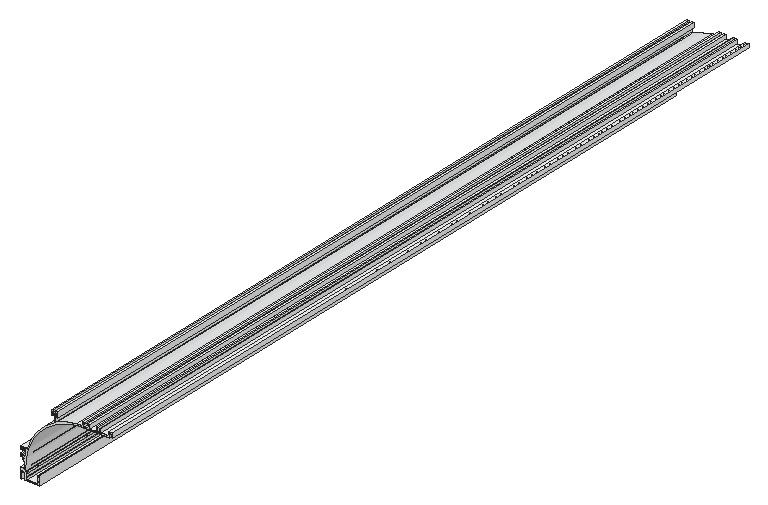
Revit family "ALS500T-SWM-EXTRUSION", category Lighting Fixtures, Revit 2017
Family settings
  Round Connector Dimension = Use Diameter
  Part Type = Normal
  Work Plane-Based = No
  Always vertical = Yes
  Cut with Voids When Loaded = No
  Light Source = Yes
  Shared = No
  Room Calculation Point = No
Parameters
  Wattage = 9.2903 W
  built-in parameter 1150110 = 1 (stored number, unit not read)
  built-in parameter 1114217 = 1 (stored number, unit not read)
  Tilt Angle = 60.00°
  built-in parameter 1150109 = 1 (stored number, unit not read)
  built-in parameter 1150134 = 3
  built-in parameter 1150113 = 1 (stored number, unit not read)
  Photometric Web File = "generic"
  built-in parameter 1150142 = (empty or 0)
  built-in parameter 1150105 = 109.82 (stored number, unit not read)
  Lumens = 1380 lm
  built-in parameter 1150115 = 1 (stored number, unit not read)
  built-in parameter 1150137 = (empty or 0)
  built-in parameter 1150139 = (empty or 0)
  built-in parameter 1150112 = 1 (stored number, unit not read)
  built-in parameter 1150114 = 1 (stored number, unit not read)
  Length = 48.00"
  built-in parameter 1150132 = (empty or 0)
  built-in parameter 1150102 = (empty or 0)
  built-in parameter 1150107 = 3200 (stored number, unit not read)
  built-in parameter 1150138 = (empty or 0)
  built-in parameter 1150106 = 1.0982 (stored number, unit not read)
  Fixture = Fixture
  Emit from Line Length = Length  # 48.00"
  built-in parameter 1150104 = 13.8 (stored number, unit not read)
  Dimming Lamp Color Temperature Shift = (empty or 0)
  Color Filter = 16777215
  built-in parameter 1114218 = 1 (stored number, unit not read)
  built-in parameter 1150133 = 10 (stored number, unit not read)
Reference planes (in)
  plane 1 "Center (Front/Back)": y = 0
  plane 2: z = 0
  plane 3 "Center (Left/Right)": x = 0
  plane 4: y = 24
  plane 5: y = -24
Forms (in)
  Extrusion 1, solid, material "Fixture" <- "Fixture"
    sketch origin (-3.525, 13.25, -11.96409) x (1, 0, 0) y (0, 0, 1)
      loop
        line (3.525, 11.96409) -> (3.60567, 11.96409) -> (3.60567, 12.26596)
        arc (3.60567, 12.26596) -> (3.64891, 12.3958) -> (3.7762, 12.34554) r 0.09423
        line (3.7762, 12.34554) -> (3.7762, 11.96409) -> (4.69941, 11.96409) -> (4.69941, 12.49882) -> (4.66177, 12.49882) -> (4.66177, 12.4506) -> (4.60916, 12.4506)
        arc (4.60916, 12.4506) -> (4.57153, 12.4191) -> (4.59591, 12.37651) r 0.03823
        line (4.59591, 12.37651) -> (4.59591, 12.1981)
        arc (4.59591, 12.1981) -> (4.64055, 12.15125) -> (4.59591, 12.1044) r 0.04691
        line (4.59591, 12.1044) -> (4.59591, 12.0331) -> (3.94711, 12.0331) -> (3.94711, 12.1044)
        arc (3.94711, 12.1044) -> (3.90251, 12.14929) -> (3.9432, 12.19775) r 0.04691
        line (3.9432, 12.19775) -> (3.9432, 12.37651)
        arc (3.9432, 12.37651) -> (3.96393, 12.42358) -> (3.92336, 12.45518) r 0.04184
        line (3.92336, 12.45518) -> (3.862, 12.45518)
        arc (3.862, 12.45518) -> (4.74148, 14.8885) -> (7.05671, 16.04358) r 3.48255
        line (7.05671, 16.04358) -> (8.95133, 16.04358) -> (8.95133, 16.27409) -> (9.03365, 16.27409) -> (9.03365, 16.11952) -> (9.095, 16.11952) -> (9.095, 16.34409) -> (8.88194, 16.34409) -> (8.88194, 16.12734) -> (8.39974, 16.12734) -> (8.39974, 16.34409) -> (8.33384, 16.34409) -> (8.33384, 16.12734) -> (8.21751, 16.12734) -> (8.21751, 16.34409) -> (8.14825, 16.34409) -> (8.14825, 16.11952) -> (7.71819, 16.11952) -> (7.71819, 16.34409) -> (7.59854, 16.34409) -> (7.59854, 16.25963) -> (7.64865, 16.25963) -> (7.64865, 16.11952) -> (7.38481, 16.11952) -> (7.38481, 16.25963) -> (7.43083, 16.25963) -> (7.43083, 16.34409) -> (7.31527, 16.34409) -> (7.31527, 16.11413) -> (6.94249, 16.11413)
        arc (6.94249, 16.11413) -> (6.34034, 15.98536) -> (5.7622, 15.77343) r 4.37985
        arc (5.7622, 15.77343) -> (5.7144, 15.7578) -> (5.66659, 15.77343) r 0.08094
        line (5.66659, 15.77343) -> (5.66659, 16.03561) -> (5.80891, 16.03561) -> (5.80891, 16.34409) -> (5.69419, 16.34409) -> (5.69419, 16.26235) -> (5.7431, 16.26235) -> (5.7431, 16.1254) -> (5.47543, 16.1254) -> (5.47543, 16.26235) -> (5.52523, 16.26235) -> (5.52523, 16.34409) -> (5.40743, 16.34409) -> (5.40743, 16.03686) -> (5.58104, 16.03686) -> (5.58104, 15.67525)
        arc (5.58104, 15.67525) -> (4.59341, 14.85308) -> (3.97774, 13.7251) r 3.42946
        line (3.97774, 13.7251) -> (3.52527, 13.7251) -> (3.52527, 13.53629) -> (3.64907, 13.53629) -> (3.61737, 13.63385) -> (3.84162, 13.63385) -> (3.84162, 13.23304) -> (3.62279, 13.23304) -> (3.64194, 13.34167) -> (3.525, 13.34167) -> (3.525, 13.156) -> (3.64844, 13.156) -> (3.64844, 13.04179) -> (3.69692, 13.06442)
        arc (3.69692, 13.06442) -> (3.69883, 13.10722) -> (3.7287, 13.13794) r 0.06026
        arc (3.7287, 13.13794) -> (3.77769, 13.13819) -> (3.80978, 13.10116) r 0.05865
        arc (3.80978, 13.10116) -> (3.80181, 13.05957) -> (3.76342, 13.04169) r 0.04651
        line (3.76342, 13.04169) -> (3.76342, 12.98991) -> (3.79536, 12.98991) -> (3.79536, 12.81886) -> (3.79536, 12.58423) -> (3.525, 12.58423) -> (3.525, 11.96409)
    from -10.75 to 37.25
Dimensions and locks (in)
  equal spacing: plane 5, plane 1 "Center (Front/Back)", plane 4
  "Length": plane 5 to plane 4
  aligned and locked: plane 2 to level
  aligned and locked: Extrusion 1 sketch curve to Extrusion 1 sketch curve
  aligned and locked: Extrusion 1 to plane 4
  aligned and locked: plane 5 to Extrusion 1
Automatic sketch dimensions
  Extrusion 1 sketch curve to plane 3 "Center (Left/Right)" = 0.00"
  Extrusion 1 sketch curve to Extrusion 1 sketch curve = 0.00028"
  Extrusion 1 sketch curve to Extrusion 1 sketch curve = 0.08068"
  Extrusion 1 sketch curve to Extrusion 1 sketch curve = 0.0921"
  Extrusion 1 sketch curve to Extrusion 1 sketch curve = 0.09779"
  Extrusion 1 sketch curve to Extrusion 1 sketch curve = 0.01916"  (x2)
  Extrusion 1 sketch curve to Extrusion 1 sketch curve = 0.12344"
  Extrusion 1 sketch curve to Extrusion 1 sketch curve = 0.0317"
  Extrusion 1 sketch curve to Extrusion 1 sketch curve = 0.08309"
  Extrusion 1 sketch curve to Extrusion 1 sketch curve = 0.04849"
  Extrusion 1 sketch curve to Extrusion 1 sketch curve = 0.05654"
  Extrusion 1 sketch curve to Extrusion 1 sketch curve = 0.00068"
  Extrusion 1 sketch curve to Extrusion 1 sketch curve = 0.00927"
  Extrusion 1 sketch curve to Extrusion 1 sketch curve = 0.01098"
  Extrusion 1 sketch curve to Extrusion 1 sketch curve = 0.17053"
  Extrusion 1 sketch curve to Extrusion 1 sketch curve = 0.19255"
  Extrusion 1 sketch curve to Extrusion 1 sketch curve = 0.08579"
  Extrusion 1 sketch curve to Extrusion 1 sketch curve = 0.06137"
  Extrusion 1 sketch curve to Extrusion 1 sketch curve = 0.01984"
  Extrusion 1 sketch curve to Extrusion 1 sketch curve = 0.00391"
  Extrusion 1 sketch curve to Extrusion 1 sketch curve = 0.00617"
  Extrusion 1 sketch curve to Extrusion 1 sketch curve = 0.13612"
  Extrusion 1 sketch curve to Extrusion 1 sketch curve = 0.64428"
  Extrusion 1 sketch curve to Extrusion 1 sketch curve = 0.00226"  (x2)
  Extrusion 1 sketch curve to Extrusion 1 sketch curve = 0.01325"
  Extrusion 1 sketch curve to Extrusion 1 sketch curve = 0.05261"
  Extrusion 1 sketch curve to Extrusion 1 sketch curve = 0.03763"
  plane 3 "Center (Left/Right)" to Extrusion 1 sketch curve = 1.88243"
  Extrusion 1 sketch curve to Extrusion 1 sketch curve = 0.068"
  Extrusion 1 sketch curve to Extrusion 1 sketch curve = 0.0498"
  Extrusion 1 sketch curve to Extrusion 1 sketch curve = 0.10561"
  Extrusion 1 sketch curve to Extrusion 1 sketch curve = 0.08555"
  Extrusion 1 sketch curve to Extrusion 1 sketch curve = 0.16896"
  Extrusion 1 sketch curve to Extrusion 1 sketch curve = 0.04781"
  Extrusion 1 sketch curve to Extrusion 1 sketch curve = 0.07651"
  Extrusion 1 sketch curve to Extrusion 1 sketch curve = 0.06581"
  plane 3 "Center (Left/Right)" to Extrusion 1 sketch curve = 3.41749"
  Extrusion 1 sketch curve to Extrusion 1 sketch curve = 0.11422"
  plane 3 "Center (Left/Right)" to Extrusion 1 sketch curve = 3.71752"
  Extrusion 1 sketch curve to Extrusion 1 sketch curve = 0.25856"
  Extrusion 1 sketch curve to Extrusion 1 sketch curve = 0.10005"
  Extrusion 1 sketch curve to Extrusion 1 sketch curve = 0.06954"  (x2)
  Extrusion 1 sketch curve to Extrusion 1 sketch curve = 0.04602"
  Extrusion 1 sketch curve to Extrusion 1 sketch curve = 0.21247"
  Extrusion 1 sketch curve to Extrusion 1 sketch curve = 0.16772"
  Extrusion 1 sketch curve to Extrusion 1 sketch curve = 0.05011"
  Extrusion 1 sketch curve to Extrusion 1 sketch curve = 0.43006"
  Extrusion 1 sketch curve to Extrusion 1 sketch curve = 0.06926"
  Extrusion 1 sketch curve to Extrusion 1 sketch curve = 0.11633"
  Extrusion 1 sketch curve to Extrusion 1 sketch curve = 0.0659"
  Extrusion 1 sketch curve to Extrusion 1 sketch curve = 0.4822"
  Extrusion 1 sketch curve to Extrusion 1 sketch curve = 0.06939"
  Extrusion 1 sketch curve to Extrusion 1 sketch curve = 0.08232"
  Extrusion 1 sketch curve to Extrusion 1 sketch curve = 0.06134"
  Extrusion 1 sketch curve to level = 0.18677"
  Extrusion 1 sketch curve to Extrusion 1 sketch curve = 0.18677"
  Extrusion 1 sketch curve to Extrusion 1 sketch curve = 0.00"  (x5)
  Extrusion 1 sketch curve to Extrusion 1 sketch curve = 0.06902"
  Extrusion 1 sketch curve to Extrusion 1 sketch curve = 0.0713"  (x2)
  Extrusion 1 sketch curve to Extrusion 1 sketch curve = 0.04685"  (x2)
  Extrusion 1 sketch curve to Extrusion 1 sketch curve = 0.30188"
  Extrusion 1 sketch curve to Extrusion 1 sketch curve = 0.04445"
  Extrusion 1 sketch curve to Extrusion 1 sketch curve = 0.17841"
  Extrusion 1 sketch curve to Extrusion 1 sketch curve = 0.03097"
  Extrusion 1 sketch curve to Extrusion 1 sketch curve = 0.03586"
  Extrusion 1 sketch curve to Extrusion 1 sketch curve = 0.03683"
  Extrusion 1 sketch curve to Extrusion 1 sketch curve = 0.04822"
  Extrusion 1 sketch curve to Extrusion 1 sketch curve = 0.79547"
  Extrusion 1 sketch curve to Extrusion 1 sketch curve = 0.27382"
  Extrusion 1 sketch curve to Extrusion 1 sketch curve = 0.10235"
  Extrusion 1 sketch curve to Extrusion 1 sketch curve = 0.23463"
  Extrusion 1 sketch curve to Extrusion 1 sketch curve = 0.17106"
  Extrusion 1 sketch curve to Extrusion 1 sketch curve = 0.05178"
  Extrusion 1 sketch curve to Extrusion 1 sketch curve = 0.0001"
  Extrusion 1 sketch curve to Extrusion 1 sketch curve = 0.02263"
  Extrusion 1 sketch curve to Extrusion 1 sketch curve = 0.04162"
  Extrusion 1 sketch curve to Extrusion 1 sketch curve = 0.00146"
  Extrusion 1 sketch curve to Extrusion 1 sketch curve = 0.00485"
  Extrusion 1 sketch curve to Extrusion 1 sketch curve = 0.11421"
  Extrusion 1 sketch curve to Extrusion 1 sketch curve = 0.13187"
  Extrusion 1 sketch curve to Extrusion 1 sketch curve = 0.10864"
  Extrusion 1 sketch curve to Extrusion 1 sketch curve = 0.19462"
  Extrusion 1 sketch curve to Extrusion 1 sketch curve = 0.09756"
  Extrusion 1 sketch curve to Extrusion 1 sketch curve = 0.09125"
  Extrusion 1 sketch curve to Extrusion 1 sketch curve = 0.09818"
  Extrusion 1 sketch curve to Extrusion 1 sketch curve = 0.06531"
  Extrusion 1 sketch curve to Extrusion 1 sketch curve = 0.19687"
  Extrusion 1 sketch curve to Extrusion 1 sketch curve = 0.00125"
  Extrusion 1 sketch curve to Extrusion 1 sketch curve = 0.07054"
  Extrusion 1 sketch curve to Extrusion 1 sketch curve = 0.0054"  (x2)
  Extrusion 1 sketch curve to Extrusion 1 sketch curve = 0.07594"
  Extrusion 1 sketch curve to Extrusion 1 sketch curve = 0.0898"
  Extrusion 1 sketch curve to Extrusion 1 sketch curve = 0.00781"
  Extrusion 1 sketch curve to Extrusion 1 sketch curve = 0.1401"  (x2)
  Extrusion 1 sketch curve to Extrusion 1 sketch curve = 0.13695"  (x2)
  Extrusion 1 sketch curve to Extrusion 1 sketch curve = 0.15457"
  Extrusion 1 sketch curve to Extrusion 1 sketch curve = 0.08446"  (x2)
  Extrusion 1 sketch curve to Extrusion 1 sketch curve = 0.22456"
  Extrusion 1 sketch curve to Extrusion 1 sketch curve = 0.06999"
  Extrusion 1 sketch curve to Extrusion 1 sketch curve = 0.08174"  (x3)
